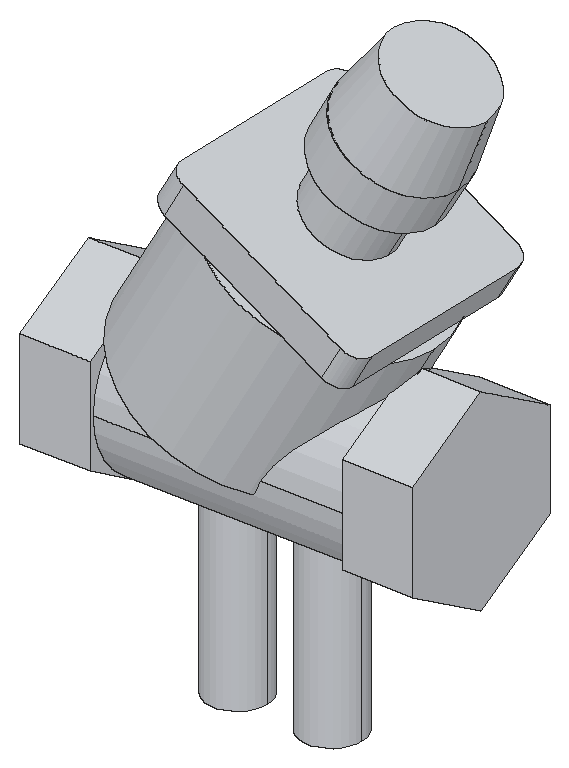
Revit family "OPTIMA_Compact_Plus_FF_DN32_5,5_RFA_2019", category Pipe Accessories, Revit 2019
Family settings
  Round Connector Dimension = Use Diameter
  Part Type = Valve - Breaks Into
  Work Plane-Based = No
  Always vertical = Yes
  Cut with Voids When Loaded = No
  Shared = No
Parameters (values of type "OPTIMA Compact Plus DN32 F-F 5.5mm")
  magiProductId = "df1c00d195034ef0b1ec6dc57a3080"
  magiProductFamilyId = "01be67634ee84b2d9a1468c78c5465"
  magiPartTypeId = 304
  isMeasuringValve [instance] = no
  ang2D [instance] = 0.00°
  Z = 1 mm
  X = 13 mm
  W2D = 32 mm
  VersionID = "2.0/2018.8.28.1/FRESE_OPTIMA-COMPACT-FF_001"
  Use Minimum Symbol Size [instance] = yes
  URL = "www.hydronic.cz"
  Type Comments = "vnitřní závit; PN25; 0~120°C, s měřením"
  R9 = 8 mm
  R8 = 14 mm
  R7 = 17 mm
  R6 = 12 mm
  R5 = 5 mm
  R4 = 29 mm
  R3 = 31.5 mm
  R2 = 22 mm
  R1 = 26 mm
  QmdConnectorList = "301;D;302;D"
  Productdata [instance] = ""
  PLG0 = yes
  Manufacturer = "Hydronic Systems Prague s.r.o."
  MC Product Code = "53-1374  (5/4\" F-F; 5.5mm; Qmin-dpmin 550l/h-17.9kPa; Qmax-dpmin 4001l/h-28.0kPa; dpmax 800kPa)"
  MC Piping Given Pressure Drop [instance] = 0.0 Pa
  LL = 52 mm
  L3 = 12.5 mm
  L2D_Min = 3048 mm
  L2D = 104 mm
  L2 = 66.56 mm
  L1__ve = -L1  # -18.72 mm
  L1 = 18.72 mm
  H6__ve = -H6  # -68 mm
  H6 = 68 mm
  H5 = 20 mm
  H4 = 12 mm
  H3 = 16 mm
  H2 = 10 mm
  H1 = 46 mm
  Description = "Tlakově nezávislý 2-cestný regulační vyvažovací ventil (PICV)"
  D = 32 mm
  CenSd_R1_6 = R1 * cos(30.00°)  # 22.517 mm
  A = 30.00°
Types (6, lengths in mm): name | magiProductId | Z | X | R4 | R3 | R2 | R1 | MC Product Code | LL | L3 | L2 | L1__ve | L1 | H6__ve | H6 | H3 | H2 | H1 | D | CenSd_R1_6
  OPTIMA Compact Plus DN32 F-F 5.5mm | "df1c00d195034ef0b1ec6dc57a3080" | 1 | 13 | 29 | 31.5 | 22 | 26 | "53-1374  (5/4\" F-F; 5.5mm; Qmin-dpmin 550l/h-17.9kPa; Qmax-dpmin 4001l/h-28.0kPa; dpmax 800kPa)" | 52 | 12.5 | 66.56 | -18.72 | 18.72 | -68 | 68 | 16 | 10 | 46 | 32 | 22.517
  OPTIMA Compact Plus DN15 F-F 2.5mm | "89b348523dca4fefb6c7ae521abddd" | 0 | 7 | 19 | 19 | 12 | 15 | "53-1364  (1/2\" F-F; 2.5mm; Qmin-dpmin 100l/h-14.9kPa; Qmax-dpmin 575l/h-18.5kPa; dpmax 800kPa)" | 37.5 | 11 | 48 | -13.5 | 13.5 | -57 | 57 | 18 | 8 | 26 | 15 | 12.99
  OPTIMA Compact Plus DN15 F-F 5.0mm | "2e6505697e744e01b0ad9c2d669662" | 0 | 7 | 19 | 19 | 12 | 15 | "53-1365  (1/2\" F-F; 5.0mm; Qmin-dpmin 220l/h-16.0kPa; Qmax-dpmin 1330l/h-21.6kPa; dpmax 800kPa)" | 37.5 | 11 | 48 | -13.5 | 13.5 | -57 | 57 | 18 | 8 | 26 | 15 | 12.99
  OPTIMA Compact Plus DN20 F-F 5.0mm | "3b063aaad6f44e8dbcb4679e4a622e" | 0 | 10 | 19 | 19 | 13.5 | 17.5 | "53-1368  (3/4\" F-F; 5.0mm; Qmin-dpmin 220l/h-16.0kPa; Qmax-dpmin 1330l/h-21.6kPa; dpmax 800kPa)" | 39.5 | 11 | 50.56 | -14.22 | 14.22 | -59.5 | 59.5 | 18 | 8 | 26 | 20 | 15.155
  OPTIMA Compact Plus DN20 F-F 5.5mm | "6f2e419bcadf4dd2a9ff6e694a03fa" | 0 | 10 | 19 | 19 | 13.5 | 17.5 | "53-1338  (3/4\" F-F; 5.5mm; Qmin-dpmin 300l/h-17.8kPa; Qmax-dpmin 1800l/h-40.0kPa; dpmax 800kPa)" | 39.5 | 11 | 50.56 | -14.22 | 14.22 | -59.5 | 59.5 | 18 | 8 | 26 | 20 | 15.155
  OPTIMA Compact Plus DN25 F-F 5.5mm | "d9f644dbdce8417aa9c852cd9f0b5f" | 0 | 13 | 29 | 31.5 | 18.5 | 22 | "53-1373  (1\" F-F; 5.5mm; Qmin-dpmin 600l/h-17.3kPa; Qmax-dpmin 3609l/h-23.0kPa; dpmax 800kPa)" | 50 | 12.5 | 64 | -18 | 18 | -64 | 64 | 16 | 10 | 43 | 25 | 19.053
Reference planes
  plane 1 "Center (Front/Back)": y = 0
  plane 2 "XYPLANE": z = 0
  plane 3 "Center (Left/Right)": x = 0
  plane 4 "267": x = 12.5
  plane 5 "266": x = -12.5
  plane 6 "252": through (-597.019, 0, 465.933) normal (0.5, 0, 0.866)
  plane 7 "250": through (-607.019, 0, 448.612) normal (0.5, 0, 0.866)
  plane 8 "248": through (-613.019, 0, 438.22) normal (0.5, 0, 0.866)
  plane 9 "245": through (-621.019, 0, 424.363) normal (0.5, 0, 0.866)
  plane 10 "241": through (338.627, 0, 670.519) normal (0.866, 0, -0.5)
  plane 11 "240": through (388.856, 0, 641.519) normal (0.866, 0, -0.5)
  plane 12 "239": y = -29
  plane 13 "238": y = 29
  plane 14 "237": through (-626.019, 0, 415.703) normal (0.5, 0, 0.866)
  plane 15 "235": through (-649.019, 0, 375.866) normal (0.5, 0, 0.866)
  plane 16 "231": y = 0
  plane 17 "230": through (363.742, 0, 656.019) normal (0.866, 0, -0.5)
  plane 18 "211": x = -33.28
  plane 19 "204": x = 52
  plane 20 "203": x = -52
  plane 21 "202": x = 0
  plane 22 "201": z = 0
  plane 23 "200": y = 0
  plane 24 "227XY": through (-649.519, 0, 375) normal (0.5, 0, 0.866)
  plane 25 "227XZ": y = 0
  plane 26 "227YZ": through (375, 0, 649.519) normal (0.866, 0, -0.5)
Forms (mm)
  Extrusion 1, solid
    sketch origin (52, -750, 0) x (0, 1, 0) y (0, 0, 1)
      loop
        line (750, 26) -> (727.483, 13) -> (727.483, -13) -> (750, -26) -> (772.517, -13) -> (772.517, 13) -> (750, 26)
    from 0 to -18.72 <- "L1__ve"
  Extrusion 2, solid
    sketch origin (-52, -750, 0) x (0, 1, 0) y (0, 0, 1)
      loop
        line (750, 26) -> (727.483, 13) -> (727.483, -13) -> (750, -26) -> (772.517, -13) -> (772.517, 13) -> (750, 26)
    from 0 to 18.72 <- "L1"
  Extrusion 3, solid, visible <- "PLG0"
    sketch origin (-750, 0, 0) x (1, 0, 0) y (0, 1, 0)
      loop
        circle (762.5, 0) r 8
    from 0 to -68 <- "H6__ve"
  Extrusion 4, solid, visible <- "PLG0"
    sketch origin (-750, 0, 0) x (1, 0, 0) y (0, 1, 0)
      loop
        circle (737.5, 0) r 8
    from 0 to -68 <- "H6__ve"
  Blend 5, solid
    base sketch origin (-607.019, 0, 448.612) x (0.866025, 0, -0.5) y (0, 1, 0)
      loop
        circle (737, 0) r 17
    top sketch origin (-607.019, 0, 448.612) x (0.866025, 0, -0.5) y (0, 1, 0)
      loop
        circle (737, 0) r 14
    from 0 to 20
  Extrusion 6, solid
    sketch origin (-613.019, 0, 438.22) x (0.866025, 0, -0.5) y (0, 1, 0)
      loop
        circle (737, 0) r 17
    from 0 to 12 <- "H4"
  Extrusion 7, solid
    sketch origin (-621.019, 0, 424.363) x (0.866025, 0, -0.5) y (0, 1, 0)
      loop
        circle (737, 0) r 12
    from 0 to 16 <- "H3"
  Extrusion 8, solid
    sketch origin (-626.019, 0, 415.703) x (0.866025, 0, -0.5) y (0, 1, 0)
      loop
        arc (713, 29) -> (709.464, 27.536) -> (708, 24) r 5
        line (708, 24) -> (708, -24)
        arc (708, -24) -> (709.464, -27.536) -> (713, -29) r 5
        line (713, -29) -> (761, -29)
        arc (761, -29) -> (764.536, -27.536) -> (766, -24) r 5
        line (766, -24) -> (766, 24)
        arc (766, 24) -> (764.536, 27.536) -> (761, 29) r 5
        line (761, 29) -> (713, 29)
    from 0 to 10 <- "H2"
  Extrusion 9, solid
    sketch origin (-649.019, 0, 375.866) x (0.866025, 0, -0.5) y (0, 1, 0)
      loop
        circle (737, 0) r 31.5
    from 0 to 46 <- "H1"
  Extrusion 10, solid
    sketch origin (-33.28, -750, 0) x (0, 1, 0) y (0, 0, 1)
      loop
        circle (750, 0) r 22
    from 0 to 66.56 <- "L2"
  Extrusion 11, solid, not visible
    sketch origin (52, -750, 0) x (0, 1, 0) y (0, 0, 1)
      loop
        circle (750, 0) r 10
    from 0 to -10
  Extrusion 12, solid, not visible
    sketch origin (-52, -750, 0) x (0, 1, 0) y (0, 0, 1)
      loop
        circle (750, 0) r 10
    from 0 to 10
Lines and regions (mm)
  reference lines, not visible
    curve 1: circle (2, 2, 0) r 1 normal (0, 0, 1)
  reference lines
    curve 2: line (52, 0, 0) -> (52, -11.258, -6.5)
    curve 3: line (52, 0, 0) -> (52, 0, -13)
    curve 4: line (52, 0, 0) -> (52, 11.258, -6.5)
    curve 5: line (-52, 0, 0) -> (-52, 11.258, -6.5)
    curve 6: line (-52, 0, 0) -> (-52, 0, -13)
    curve 7: line (-52, 0, 0) -> (-52, -11.258, -6.5)
Dimensions and locks
  plane 1 "Center (Front/Back)" to curve 1 = 2 mm
  "L3": plane 3 "Center (Left/Right)" to plane 4 "267"
  "L3": plane 3 "Center (Left/Right)" to plane 5 "266"
  "H5": plane 7 "250" to plane 6 "252"
  "H4": plane 8 "248" to plane 7 "250"
  "H3": plane 9 "245" to plane 8 "248"
  "H2": plane 14 "237" to plane 9 "245"
  "R4": plane 17 "230" to plane 10 "241"
  "R4": plane 17 "230" to plane 11 "240"
  "R4": plane 23 "200" to plane 12 "239"
  "R4": plane 23 "200" to plane 13 "238"
  "H1": plane 15 "235" to plane 14 "237"
  "Z": plane 24 "227XY" to plane 15 "235"
  locked: plane 23 "200" to plane 16 "231"
  "X": plane 26 "227YZ" to plane 17 "230"
  "L1": plane 20 "203" to plane 18 "211"
  "LL": plane 3 "Center (Left/Right)" to plane 19 "204"
  "LL": plane 3 "Center (Left/Right)" to plane 20 "203"
  locked: plane 3 "Center (Left/Right)" to plane 21 "202"
  locked: plane 2 "XYPLANE" to plane 22 "201"
  locked: plane 1 "Center (Front/Back)" to plane 23 "200"
  "CenSd_R1_6": curve 2 to Extrusion 1 sketch curve  (x2)
  "CenSd_R1_6": curve 3 to Extrusion 1 sketch curve  (x2)
  "CenSd_R1_6": curve 4 to Extrusion 1 sketch curve  (x2)
  Extrusion 1 sketch curve to Extrusion 1 sketch curve = 0 mm  (x12)
  "CenSd_R1_6": curve 5 to Extrusion 2 sketch curve  (x2)
  "CenSd_R1_6": curve 6 to Extrusion 2 sketch curve  (x2)
  "CenSd_R1_6": curve 7 to Extrusion 2 sketch curve  (x2)
  Extrusion 2 sketch curve to Extrusion 2 sketch curve = 0 mm  (x12)
  Extrusion 8 sketch curve to Extrusion 8 sketch curve = 0 mm  (x16)
  "R9": radius of Extrusion 3 sketch curve
  "R9": radius of Extrusion 4 sketch curve
  "R8": radius of Blend 5 sketch curve
  "R7": radius of Blend 5 sketch curve
  "R7": radius of Extrusion 6 sketch curve
  "R6": radius of Extrusion 7 sketch curve
  "R5": radius of Extrusion 8 sketch curve  (x4)
  "R3": radius of Extrusion 9 sketch curve
  "R2": radius of Extrusion 10 sketch curve
  locked: curve 3 to curve 2 (angle 60.00°)
  locked: curve 4 to curve 3 (angle 60.00°)
  locked: curve 4 to curve 2 (angle 120.00°)
  locked: curve 6 to curve 5 (angle 60.00°)
  locked: curve 7 to curve 6 (angle 60.00°)
  locked: curve 7 to curve 5 (angle 120.00°)
  aligned and locked: level to plane 2 "XYPLANE"
  aligned and locked: plane 22 "201" to curve 4
  aligned and locked: curve 4 to plane 23 "200"
  aligned and locked: plane 22 "201" to curve 7
  aligned and locked: curve 7 to plane 23 "200"
  aligned and locked: plane 4 "267" to Extrusion 3 sketch curve
  aligned and locked: plane 23 "200" to Extrusion 3 sketch curve
  aligned and locked: plane 5 "266" to Extrusion 4 sketch curve
  aligned and locked: plane 23 "200" to Extrusion 4 sketch curve
  aligned and locked: plane 16 "231" to Blend 5 sketch curve  (x2)
  aligned and locked: Blend 5 sketch curve to plane 17 "230"  (x2)
  aligned and locked: plane 6 "252" to Blend 5
  aligned and locked: plane 16 "231" to Extrusion 6 sketch curve
  aligned and locked: Extrusion 6 sketch curve to plane 17 "230"
  aligned and locked: plane 16 "231" to Extrusion 7 sketch curve
  aligned and locked: Extrusion 7 sketch curve to plane 17 "230"
  aligned and locked: Extrusion 8 sketch curve to plane 10 "241"
  aligned and locked: Extrusion 8 sketch curve to plane 12 "239"
  aligned and locked: Extrusion 8 sketch curve to plane 11 "240"
  aligned and locked: plane 13 "238" to Extrusion 8 sketch curve
  aligned and locked: plane 16 "231" to Extrusion 9 sketch curve
  aligned and locked: Extrusion 9 sketch curve to plane 17 "230"
  aligned and locked: plane 22 "201" to Extrusion 10 sketch curve
  aligned and locked: Extrusion 10 sketch curve to plane 23 "200"
  aligned and locked: plane 22 "201" to Extrusion 11 sketch curve
  aligned and locked: Extrusion 11 sketch curve to plane 23 "200"
  aligned and locked: plane 22 "201" to Extrusion 12 sketch curve
  aligned and locked: Extrusion 12 sketch curve to plane 23 "200"
Automatic sketch dimensions
  plane 1 "Center (Front/Back)" to Extrusion 11 sketch curve = 10 mm
  plane 1 "Center (Front/Back)" to Extrusion 12 sketch curve = 10 mm
  plane 3 "Center (Left/Right)" to curve 1 = 2 mm
  radius of curve 1 = 1 mm
Connectors
  piping at (-52, 0, 0), diameter 32, driven by "D"
    settings: on Extrusion 12, index 1, connector inside diameter 609.6 mm, connector length 0 mm, flow factor 0, pipe flow 0.0 L/s, pressure drop 0.0 Pa, fitting loss kfactor 0, connector angle 0.00°, fixture units 0, engagement length 0 mm, angle of deflection 0.00°, flow configuration 0, flow direction 0, fitting loss method 0, system type 29, joint type 0, gender type 0, connector reference index 2, connector utility 0, adjustable connector no, is connector primary yes, connector description ""
  piping at (52, 0, 0), diameter 32, driven by "D"
    settings: on Extrusion 11, index 2, connector inside diameter 609.6 mm, connector length 0 mm, flow factor 0, pipe flow 0.0 L/s, pressure drop 0.0 Pa, fitting loss kfactor 0, connector angle 0.00°, fixture units 0, engagement length 0 mm, angle of deflection 0.00°, flow configuration 0, flow direction 0, fitting loss method 0, system type 29, joint type 0, gender type 0, connector reference index 1, connector utility 0, adjustable connector no, is connector primary no, connector description ""
